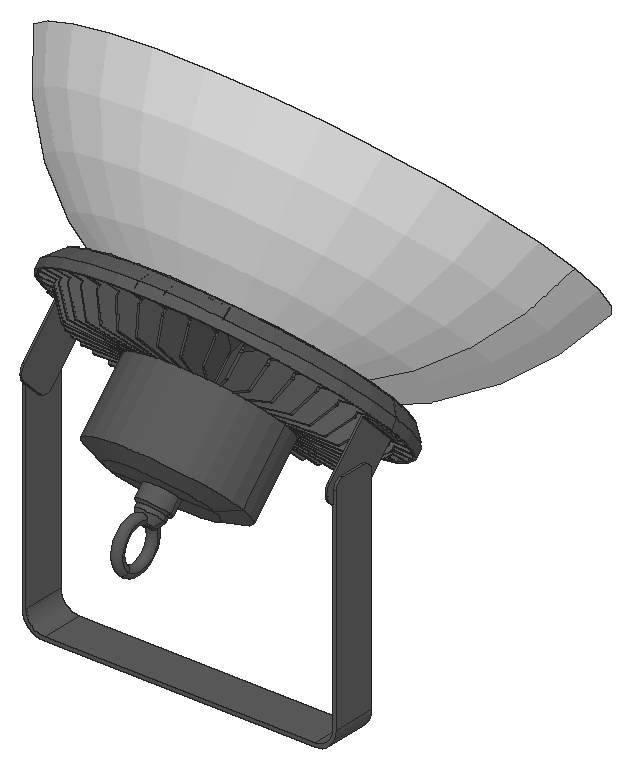
Revit family "0039344+0039353+0039356 Feilo Sylvania Lighting Fixture START HIGHBAY 4K 13KLM MEDIUM with BRACKET and ALU SHADE ALU COLOR", category Lighting Fixtures, host Face, Revit 2017 (continued)
Definition of nested family "Start LED Highbay Head"
  Dimensions and locks
    "RHHeight3_FEILO": plane 31 to plane 33
    "RHHeight4_FEILO": plane 33 to plane 34
    "RHRadius3_FEILO": plane 3 "Center (Left/Right)" to plane 35
    "RHHeight1_FEILO": plane 28 to plane 30
    "EyeInner_FEILO": plane 34 to plane 36
    "EyeInner_FEILO": plane 36 to plane 37
    equal spacing: plane 38, plane 3 "Center (Left/Right)", plane 39
    "EyeThickness_FEILO": plane 38 to plane 39
    "EyeThickness_FEILO": plane 37 to plane 40
    equal spacing: plane 37, plane 41, plane 40
    equal spacing: plane 6, plane 42, plane 18
    "ThicknessBracket_FEILO": plane 45 to plane 6
    "ThicknessBracket_FEILO": plane 8 to plane 44
    locked: plane 43 to plane 18 at 1
    equal spacing: plane 24, plane 46, plane 26
    equal spacing: plane 47, plane 1 "Center (Front/Back)", plane 48
    "WidthBracket_FEILO": plane 47 to plane 48
    "WidthRingChamfer_FEILO": plane 50 to plane 49
    "ThicknessWall_FEILO": plane 51 to plane 49
    equal spacing: plane 50, plane 52, plane 51
    "ThicknessBracket_FEILO": plane 54 to plane 50
    locked: plane 53 to plane 51 at 1
    "Radius_FEILO": plane 49 to plane 3 "Center (Left/Right)"
    "ShadeRadiusOut_FEILO": plane 3 "Center (Left/Right)" to plane 55
    "ShadeHeight_FEILO": plane 56 to plane 4
    "ShadeRadiusIn_FEILO": plane 3 "Center (Left/Right)" to plane 57
    locked: plane 58 to plane 57 at 8
    "ShadeThickness_FEILO": plane 60 to plane 4
    "ShadeThickness_FEILO": plane 59 to plane 55
    "EyeThicknessHalf_FEILO": radius of curve 8
    "ThicknessBracket_FEILO": radius of Extrusion 7 sketch curve  (x2)
    "ThicknessBracketHalf_FEILO": radius of Extrusion 7 sketch curve  (x2)
    "ShadeRadiusBend_FEILO": radius of curve 9
    aligned and locked: plane 2 to Extrusion 1
    aligned and locked: level to Extrusion 1
    aligned and locked: plane 5 to curve 1
    aligned and locked: plane 6 to curve 1
    aligned and locked: plane 7 to curve 1
    aligned and locked: plane 10 to curve 2
    aligned and locked: plane 9 to curve 3
    aligned and locked: plane 4 to curve 3
    aligned and locked: plane 11 to curve 3
    aligned and locked: plane 4 to curve 4
    aligned and locked: plane 18 to curve 5
    aligned and locked: plane 10 to curve 5
    aligned and locked: Revolve 2 sketch curve to plane 3 "Center (Left/Right)"
    aligned and locked: Revolve 2 sketch curve to curve 3
    aligned and locked: Revolve 2 sketch curve to curve 1
    aligned and locked: plane 4 to Revolve 2 sketch curve
    aligned and locked: plane 9 to Revolve 2 sketch curve
    aligned and locked: Revolve 2 sketch curve to plane 13
    aligned and locked: Revolve 2 sketch curve to plane 10
    aligned and locked: plane 13 to Revolve 2 sketch curve
    aligned and locked: plane 10 to Revolve 2 sketch curve
    aligned and locked: Revolve 2 sketch curve to plane 18
    aligned and locked: Revolve 2 sketch curve to plane 8
    aligned and locked: plane 5 to Revolve 2 sketch curve  (x2)
    aligned and locked: Revolve 3 sketch curve to plane 3 "Center (Left/Right)"
    aligned and locked: plane 11 to Revolve 3 sketch curve
    aligned and locked: Revolve 3 sketch curve to curve 2
    aligned and locked: plane 15 to Revolve 3 sketch curve
    aligned and locked: Revolve 3 sketch curve to plane 16
    aligned and locked: plane 17 to Revolve 3 sketch curve  (x2)
    aligned and locked: Revolve 3 sketch curve to plane 12
    aligned and locked: plane 7 to Revolve 3 sketch curve
    aligned and locked: Revolve 4 sketch curve to plane 3 "Center (Left/Right)"
    aligned and locked: Revolve 4 sketch curve to plane 14
    aligned and locked: plane 3 "Center (Left/Right)" to Revolve 4 sketch curve
    aligned and locked: Revolve 4 sketch curve to plane 12
    aligned and locked: plane 15 to Revolve 4 sketch curve
    aligned and locked: Revolve 2 sketch curve to curve 5
    aligned and locked: plane 22 to curve 6
    aligned and locked: plane 21 to curve 6
    aligned and locked: plane 20 to curve 6
    aligned and locked: plane 19 to curve 6
    aligned and locked: plane 33 to curve 7
    aligned and locked: plane 32 to curve 7
    aligned and locked: plane 35 to curve 7
    aligned and locked: plane 34 to curve 7
    aligned and locked: Revolve 5 sketch curve to plane 3 "Center (Left/Right)"
    aligned and locked: Revolve 5 sketch curve to plane 25
    aligned and locked: plane 27 to Revolve 5 sketch curve
    aligned and locked: plane 28 to Revolve 5 sketch curve
    aligned and locked: plane 30 to Revolve 5 sketch curve
    aligned and locked: Revolve 5 sketch curve to plane 29
    aligned and locked: plane 31 to Revolve 5 sketch curve
    aligned and locked: Revolve 5 sketch curve to curve 7
    aligned and locked: Revolve 5 sketch curve to plane 32
    aligned and locked: plane 34 to Revolve 5 sketch curve
    aligned and locked: plane 3 "Center (Left/Right)" to Revolve 5 sketch curve
    aligned and locked: plane 3 "Center (Left/Right)" to curve 8
    aligned and locked: plane 41 to curve 8
    aligned and locked: Revolve 6 sketch curve to plane 36
    aligned and locked: Revolve 6 sketch curve to curve 8
    aligned and locked: plane 43 to Extrusion 7 sketch curve  (x2)
    aligned and locked: plane 8 to Extrusion 7 sketch curve  (x3)
    aligned and locked: Extrusion 7 sketch curve to plane 45
    aligned and locked: Extrusion 7 sketch curve to plane 46  (x2)
    aligned and locked: plane 6 to Extrusion 7 sketch curve
    aligned and locked: Extrusion 7 sketch curve to plane 44  (x2)
    aligned and locked: Extrusion 7 to plane 48
    aligned and locked: plane 47 to Extrusion 7
    aligned and locked: plane 53 to Extrusion 7 sketch curve
    aligned and locked: plane 50 to Extrusion 7 sketch curve
    aligned and locked: Extrusion 7 sketch curve to plane 54
    aligned and locked: Extrusion 8 sketch curve to Extrusion 8 sketch curve
    aligned and locked: Extrusion 8 to plane 6
    aligned and locked: Extrusion 8 to Extrusion 7
    aligned and locked: Revolve 5 sketch curve to plane 22
    aligned and locked: plane 23 to nested 1
    aligned and locked: plane 1 "Center (Front/Back)" to nested 1
    aligned and locked: Revolve 9 sketch curve to plane 3 "Center (Left/Right)"
    aligned and locked: Revolve 9 sketch curve to plane 4
    aligned and locked: plane 6 to Revolve 9 sketch curve
    aligned and locked: plane 4 to Revolve 9 sketch curve
    aligned and locked: plane 7 to Revolve 9 sketch curve
    aligned and locked: Revolve 9 sketch curve to plane 5
    aligned and locked: plane 8 to Revolve 9 sketch curve  (x2)
    aligned and locked: Revolve 9 sketch curve to plane 19
    aligned and locked: plane 20 to Revolve 9 sketch curve
    aligned and locked: plane 19 to Revolve 9 sketch curve
    aligned and locked: plane 21 to Revolve 9 sketch curve
    aligned and locked: plane 22 to Revolve 9 sketch curve  (x2)
    aligned and locked: Revolve 9 sketch curve to Revolve 9 sketch curve
    aligned and locked: imposter light to plane 4
    aligned and locked: plane 3 "Center (Left/Right)" to imposter light
    aligned and locked: imposter light to plane 1 "Center (Front/Back)"
    aligned and locked: plane 55 to curve 9
    aligned and locked: plane 56 to curve 9
    aligned and locked: plane 57 to curve 9
    aligned and locked: plane 4 to curve 9
    aligned and locked: Revolve 10 sketch curve to curve 9
    aligned and locked: plane 58 to Revolve 10 sketch curve
    aligned and locked: plane 57 to Revolve 10 sketch curve
    aligned and locked: plane 56 to Revolve 10 sketch curve  (x2)
    aligned and locked: Revolve 10 sketch curve to plane 58
    aligned and locked: plane 60 to Revolve 10 sketch curve
  Automatic sketch dimensions
    Extrusion 1 sketch curve to Extrusion 1 sketch curve = 2438.4 mm  (x2)
    Revolve 2 sketch curve to plane 6 = 0.299 mm
    plane 6 to Revolve 2 sketch curve = 0.459 mm
    Revolve 2 sketch curve to level = 609.6 mm
    Revolve 2 sketch curve to Revolve 2 sketch curve = 2312.223 mm
    Revolve 3 sketch curve to plane 12 = 0 mm
    Revolve 3 sketch curve to plane 3 "Center (Left/Right)" = 0 mm
    Revolve 3 sketch curve to level = 609.6 mm
    Revolve 3 sketch curve to plane 4 = 2339.058 mm
    Revolve 4 sketch curve to level = 609.6 mm
    Revolve 4 sketch curve to plane 4 = 2339.058 mm
    Revolve 6 sketch curve to plane 5 = 1080 mm
    plane 38 to Revolve 6 sketch curve = 1219.2 mm
    Extrusion 8 sketch curve to plane 47 = 0 mm
    plane 46 to Extrusion 8 sketch curve = 0 mm  (x2)
    Extrusion 8 sketch curve to plane 48 = 0 mm
    plane 47 to Extrusion 8 sketch curve = 5 mm
    plane 1 "Center (Front/Back)" to Extrusion 8 sketch curve = 10 mm
    Extrusion 8 sketch curve to Extrusion 8 sketch curve = 10 mm
    plane 46 to Extrusion 8 sketch curve = 5 mm
    Extrusion 8 sketch curve to Extrusion 8 sketch curve = 5 mm
    Extrusion 8 sketch curve to plane 48 = 5 mm
    Revolve 5 sketch curve to plane 26 = 0 mm
    Revolve 5 sketch curve to plane 35 = 0.437 mm
    plane 35 to Revolve 5 sketch curve = 0.847 mm
    Revolve 5 sketch curve to plane 34 = 0.726 mm
    plane 40 to Revolve 5 sketch curve = 590.2 mm
    Revolve 5 sketch curve to plane 4 = 2339.058 mm
    Revolve 9 sketch curve to level = 609.6 mm
    Revolve 9 sketch curve to Revolve 9 sketch curve = 2386.058 mm
    curve 2 to plane 3 "Center (Left/Right)" = 0 mm
    Revolve 10 sketch curve to Revolve 10 sketch curve = 0 mm  (x2)
    Revolve 10 sketch curve to plane 3 "Center (Left/Right)" = 0 mm
    plane 57 to Revolve 10 sketch curve = 0.659 mm
    Revolve 10 sketch curve to level = 609.6 mm
    Revolve 10 sketch curve to Revolve 10 sketch curve = 2068.248 mm
  Nested families
    nested 1: "Start Highbay Rib" at (0, 0, 67.775), type "Type Name", detail levels medium+fine
      with SuspensionHeight_FEILO 2.6 mm
    nested 2: "Start Highbay Rib" at (0, 0, 67.775) x (0.9877, 0.1564, 0) z (0, 0, 1), type "Type Name", detail levels medium+fine
      with SuspensionHeight_FEILO 2.6 mm
    nested 3: "Start Highbay Rib" at (0, 0, 67.775) x (0.9511, 0.309, 0) z (0, 0, 1), type "Type Name", detail levels medium+fine
      with SuspensionHeight_FEILO 2.6 mm
    nested 4: "Start Highbay Rib" at (0, 0, 67.775) x (0.891, 0.454, 0) z (0, 0, 1), type "Type Name", detail levels medium+fine
      with SuspensionHeight_FEILO 2.6 mm
    nested 5: "Start Highbay Rib" at (0, 0, 67.775) x (0.809, 0.5878, 0) z (0, 0, 1), type "Type Name", detail levels medium+fine
      with SuspensionHeight_FEILO 2.6 mm
    nested 6: "Start Highbay Rib" at (0, 0, 67.775) x (0.7071, 0.7071, 0) z (0, 0, 1), type "Type Name", detail levels medium+fine
      with SuspensionHeight_FEILO 2.6 mm
    nested 7: "Start Highbay Rib" at (0, 0, 67.775) x (0.5878, 0.809, 0) z (0, 0, 1), type "Type Name", detail levels medium+fine
      with SuspensionHeight_FEILO 2.6 mm
    nested 8: "Start Highbay Rib" at (0, 0, 67.775) x (0.454, 0.891, 0) z (0, 0, 1), type "Type Name", detail levels medium+fine
      with SuspensionHeight_FEILO 2.6 mm
    nested 9: "Start Highbay Rib" at (0, 0, 67.775) x (0.309, 0.9511, 0) z (0, 0, 1), type "Type Name", detail levels medium+fine
      with SuspensionHeight_FEILO 2.6 mm
    nested 10: "Start Highbay Rib" at (0, 0, 67.775) x (0.1564, 0.9877, 0) z (0, 0, 1), type "Type Name", detail levels medium+fine
      with SuspensionHeight_FEILO 2.6 mm
    nested 11: "Start Highbay Rib" at (0, 0, 67.775) x (0, 1, 0) z (0, 0, 1), type "Type Name", detail levels medium+fine
      with SuspensionHeight_FEILO 2.6 mm
    nested 12: "Start Highbay Rib" at (0, 0, 67.775) x (-0.1564, 0.9877, 0) z (0, 0, 1), type "Type Name", detail levels medium+fine
      with SuspensionHeight_FEILO 2.6 mm
    nested 13: "Start Highbay Rib" at (0, 0, 67.775) x (-0.309, 0.9511, 0) z (0, 0, 1), type "Type Name", detail levels medium+fine
      with SuspensionHeight_FEILO 2.6 mm
    nested 14: "Start Highbay Rib" at (0, 0, 67.775) x (-0.454, 0.891, 0) z (0, 0, 1), type "Type Name", detail levels medium+fine
      with SuspensionHeight_FEILO 2.6 mm
    nested 15: "Start Highbay Rib" at (0, 0, 67.775) x (-0.5878, 0.809, 0) z (0, 0, 1), type "Type Name", detail levels medium+fine
      with SuspensionHeight_FEILO 2.6 mm
    nested 16: "Start Highbay Rib" at (0, 0, 67.775) x (-0.7071, 0.7071, 0) z (0, 0, 1), type "Type Name", detail levels medium+fine
      with SuspensionHeight_FEILO 2.6 mm
    nested 17: "Start Highbay Rib" at (0, 0, 67.775) x (-0.809, 0.5878, 0) z (0, 0, 1), type "Type Name", detail levels medium+fine
      with SuspensionHeight_FEILO 2.6 mm
    nested 18: "Start Highbay Rib" at (0, 0, 67.775) x (-0.891, 0.454, 0) z (0, 0, 1), type "Type Name", detail levels medium+fine
      with SuspensionHeight_FEILO 2.6 mm
    nested 19: "Start Highbay Rib" at (0, 0, 67.775) x (-0.9511, 0.309, 0) z (0, 0, 1), type "Type Name", detail levels medium+fine
      with SuspensionHeight_FEILO 2.6 mm
    nested 20: "Start Highbay Rib" at (0, 0, 67.775) x (-0.9877, 0.1564, 0) z (0, 0, 1), type "Type Name", detail levels medium+fine
      with SuspensionHeight_FEILO 2.6 mm
    nested 21: "Start Highbay Rib" at (0, 0, 67.775) x (-1, 0, 0) z (0, 0, 1), type "Type Name", detail levels medium+fine
      with SuspensionHeight_FEILO 2.6 mm
    nested 22: "Start Highbay Rib" at (0, 0, 67.775) x (-0.9877, -0.1564, 0) z (0, 0, 1), type "Type Name", detail levels medium+fine
      with SuspensionHeight_FEILO 2.6 mm
    nested 23: "Start Highbay Rib" at (0, 0, 67.775) x (-0.9511, -0.309, 0) z (0, 0, 1), type "Type Name", detail levels medium+fine
      with SuspensionHeight_FEILO 2.6 mm
    nested 24: "Start Highbay Rib" at (0, 0, 67.775) x (-0.891, -0.454, 0) z (0, 0, 1), type "Type Name", detail levels medium+fine
      with SuspensionHeight_FEILO 2.6 mm
    nested 25: "Start Highbay Rib" at (0, 0, 67.775) x (-0.809, -0.5878, 0) z (0, 0, 1), type "Type Name", detail levels medium+fine
      with SuspensionHeight_FEILO 2.6 mm
    nested 26: "Start Highbay Rib" at (0, 0, 67.775) x (-0.7071, -0.7071, 0) z (0, 0, 1), type "Type Name", detail levels medium+fine
      with SuspensionHeight_FEILO 2.6 mm
    nested 27: "Start Highbay Rib" at (0, 0, 67.775) x (-0.5878, -0.809, 0) z (0, 0, 1), type "Type Name", detail levels medium+fine
      with SuspensionHeight_FEILO 2.6 mm
    nested 28: "Start Highbay Rib" at (0, 0, 67.775) x (-0.454, -0.891, 0) z (0, 0, 1), type "Type Name", detail levels medium+fine
      with SuspensionHeight_FEILO 2.6 mm
    nested 29: "Start Highbay Rib" at (0, 0, 67.775) x (-0.309, -0.9511, 0) z (0, 0, 1), type "Type Name", detail levels medium+fine
      with SuspensionHeight_FEILO 2.6 mm
    nested 30: "Start Highbay Rib" at (0, 0, 67.775) x (-0.1564, -0.9877, 0) z (0, 0, 1), type "Type Name", detail levels medium+fine
      with SuspensionHeight_FEILO 2.6 mm
    nested 31: "Start Highbay Rib" at (0, 0, 67.775) x (0, -1, 0) z (0, 0, 1), type "Type Name", detail levels medium+fine
      with SuspensionHeight_FEILO 2.6 mm
    nested 32: "Start Highbay Rib" at (0, 0, 67.775) x (0.1564, -0.9877, 0) z (0, 0, 1), type "Type Name", detail levels medium+fine
      with SuspensionHeight_FEILO 2.6 mm
    nested 33: "Start Highbay Rib" at (0, 0, 67.775) x (0.309, -0.9511, 0) z (0, 0, 1), type "Type Name", detail levels medium+fine
      with SuspensionHeight_FEILO 2.6 mm
    nested 34: "Start Highbay Rib" at (0, 0, 67.775) x (0.454, -0.891, 0) z (0, 0, 1), type "Type Name", detail levels medium+fine
      with SuspensionHeight_FEILO 2.6 mm
    nested 35: "Start Highbay Rib" at (0, 0, 67.775) x (0.5878, -0.809, 0) z (0, 0, 1), type "Type Name", detail levels medium+fine
      with SuspensionHeight_FEILO 2.6 mm
    nested 36: "Start Highbay Rib" at (0, 0, 67.775) x (0.7071, -0.7071, 0) z (0, 0, 1), type "Type Name", detail levels medium+fine
      with SuspensionHeight_FEILO 2.6 mm
    nested 37: "Start Highbay Rib" at (0, 0, 67.775) x (0.809, -0.5878, 0) z (0, 0, 1), type "Type Name", detail levels medium+fine
      with SuspensionHeight_FEILO 2.6 mm
    nested 38: "Start Highbay Rib" at (0, 0, 67.775) x (0.891, -0.454, 0) z (0, 0, 1), type "Type Name", detail levels medium+fine
      with SuspensionHeight_FEILO 2.6 mm
    nested 39: "Start Highbay Rib" at (0, 0, 67.775) x (0.9511, -0.309, 0) z (0, 0, 1), type "Type Name", detail levels medium+fine
      with SuspensionHeight_FEILO 2.6 mm
    nested 40: "Start Highbay Rib" at (0, 0, 67.775) x (0.9877, -0.1564, 0) z (0, 0, 1), type "Type Name", detail levels medium+fine
      with SuspensionHeight_FEILO 2.6 mm
  Definition of nested family "Start Highbay Rib"
    Parameters (values of type "Type Name")
      WidthStraight_FEILO = if(SizeS_FEILO, 3 mm, if(SizeM_FEILO, 4 mm, 4.7 mm))  # 3 mm
      WidthRingChamfer_FEILO = if(SizeS_FEILO, 10.3 mm, if(SizeM_FEILO, 11.2 mm, 12.9 mm))  # 10.3 mm
      WidthCurved_FEILO = if(SizeS_FEILO, 17.4 mm, if(SizeM_FEILO, 16.4 mm, 26.2 mm))  # 17.4 mm
      WidthCurvedRing_FEILO = if(SizeS_FEILO, 3 mm, if(SizeM_FEILO, 4 mm, 4.7 mm))  # 3 mm
      WidthBracket_FEILO = 40 mm
      URL = "http://www.feilosylvania.com"
      Type Image = (empty or 0)
      Type Comments = "n/a"
      ThicknessWall_FEILO = 1.5 mm
      ThicknessBracket_FEILO = 1.5 mm
      ThicknessBracketHalf_FEILO = ThicknessBracket_FEILO / 2  # 0.75 mm
      SuspensionHeight_FEILO [instance] = 2.6 mm
      SizeS_FEILO = yes
      SizeM_FEILO = no
      Rib4_FEILO = if(SizeS_FEILO, 18.1 mm, if(SizeM_FEILO, 13.6 mm, 14.6 mm))  # 18.1 mm
      Rib3_FEILO = if(SizeS_FEILO, 15.3 mm, if(SizeM_FEILO, 17.6 mm, 20.2 mm))  # 15.3 mm
      Rib2_FEILO = if(SizeS_FEILO, 3.6 mm, if(SizeM_FEILO, 3.9 mm, 4.5 mm))  # 3.6 mm
      Rib1_FEILO = if(SizeS_FEILO, 15.1 mm, if(SizeM_FEILO, 16.5 mm, 19 mm))  # 15.1 mm
      RadiusRib_FEILO = 2 mm
      RadiusDiffuser_FEILO = if(SizeS_FEILO, 95.2 mm, if(SizeM_FEILO, 105.3 mm, 120 mm))  # 95.2 mm
      RHRadius3_FEILO = if(SizeS_FEILO, 6.6 mm, if(SizeM_FEILO, 7.4 mm, 8.6 mm))  # 6.6 mm
      RHRadius2_FEILO = if(SizeS_FEILO, 11 mm, if(SizeM_FEILO, 12 mm, 14 mm))  # 11 mm
      RHRadius1_FEILO = if(SizeS_FEILO, 13.6 mm, if(SizeM_FEILO, 14.9 mm, 17.7 mm))  # 13.6 mm
      RHHeight4_FEILO = if(SizeS_FEILO, 7.3 mm, if(SizeM_FEILO, 8 mm, 9.2 mm))  # 7.3 mm
      RHHeight3_FEILO = if(SizeS_FEILO, 3.6 mm, if(SizeM_FEILO, 3.7 mm, 4.6 mm))  # 3.6 mm
      RHHeight2_FEILO = if(SizeS_FEILO, 2 mm, if(SizeM_FEILO, 2.2 mm, 2.6 mm))  # 2 mm
      RHHeight1_FEILO = if(SizeS_FEILO, 11.8 mm, if(SizeM_FEILO, 15.3 mm, 17.4 mm))  # 11.8 mm
      Material_3_FEILO = none
      Model = ""
      Manufacturer = "Feilo Sylvania"
      Keynote = "16500"
      HeightRing_FEILO = if(SizeS_FEILO, 19.8 mm, if(SizeM_FEILO, 32 mm, 36.8 mm))  # 19.8 mm
      HeightRingChamfer_FEILO = if(SizeS_FEILO, 11.7 mm, if(SizeM_FEILO, 23.2 mm, 26.6 mm))  # 11.7 mm
      EyeThickness_FEILO = if(SizeS_FEILO, 8.4 mm, if(SizeM_FEILO, 9.2 mm, 10.5 mm))  # 8.4 mm
      EyeThicknessHalf_FEILO = EyeThickness_FEILO / 2  # 4.2 mm
      EyeInner_FEILO = if(SizeS_FEILO, 13.8 mm, if(SizeM_FEILO, 15.1 mm, 17.3 mm))  # 13.8 mm
      DriverVerticalStraight_FEILO = if(SizeS_FEILO, 46.5 mm, if(SizeM_FEILO, 49.7 mm, 57 mm))  # 46.5 mm
      DriverVerticalChamfer_FEILO = if(SizeS_FEILO, 7.5 mm, if(SizeM_FEILO, 8.2 mm, 9.5 mm))  # 7.5 mm
      DriverRadius_FEILO = if(SizeS_FEILO, 61.4 mm, if(SizeM_FEILO, 67.2 mm, 76.4 mm))  # 61.4 mm
      DriverRadiusTop_FEILO = if(SizeS_FEILO, 42 mm, if(SizeM_FEILO, 45.3 mm, 52.4 mm))  # 42 mm
      DriverBottom_FEILO = if(SizeS_FEILO, 56 mm, if(SizeM_FEILO, 64.5 mm, 74 mm))  # 56 mm
      Material_2_FEILO = none
      Radius_FEILO = if(SizeS_FEILO, 135 mm, if(SizeM_FEILO, 148 mm, 169.5 mm))  # 135 mm
      Description = ""
      Default Elevation = 1219.2 mm
      Cost = 0
      Material_1_FEILO = none
      Assembly Code = "D5020200"
      Material_4_FEILO = none
    Reference planes
      plane 1 "Center (Front/Back)": y = 0
      plane 2: z = 0
      plane 3 "Center (Left/Right)": x = 0
      plane 4: z = 2.6
      plane 5: x = -135
      plane 6: x = -124.7
      plane 7: z = -9.1
      plane 8: z = -17.2
      plane 9: x = -121.7
      plane 10: z = -0.025
      plane 11: x = -104.3
      plane 12: x = -95.2
      plane 13: x = -118.7
      plane 14: z = 0.975
      plane 15: z = -1.025
      plane 16: x = -92.2
      plane 17: z = -2.025
      plane 18: x = -133.5
      plane 19: x = -119.9
      plane 20: z = -20.8
      plane 21: x = -104.6
      plane 22: z = -38.9
      plane 23: x = -20
      plane 24: z = -53.4
      plane 25: x = -61.4
      plane 26: z = -99.9
      plane 27: x = -42
      plane 28: z = -107.4
      plane 29: x = -13.6
      plane 30: z = -119.2
      plane 31: z = -121.2
      plane 32: x = -11
      plane 33: z = -124.8
      plane 34: z = -132.1
      plane 35: x = -6.6
      plane 36: z = -145.9
      plane 37: z = -159.7
      plane 38: x = 4.2
      plane 39: x = -4.2
      plane 40: z = -168.1
      plane 41: z = -163.9
      plane 42: x = -129.1
      plane 43: x = -132.5
      plane 44: z = -18.7
      plane 45: x = -123.2
      plane 46: z = -76.65
      plane 47: y = -20
      plane 48: y = 20
      plane 49: x = 135
      plane 50: x = 124.7
      plane 51: x = 133.5
      plane 52: x = 129.1
      plane 53: x = 132.5
      plane 54: x = 123.2
      plane 55: y = 0.75
      plane 56: y = -0.75
    Forms (mm)
      Extrusion 1, solid
        sketch origin (4.2, 0, 0) x (1, 0, 0) y (0, 1, 0)
          loop
            line (-1219.2, 1219.2) -> (-1219.2, -1219.2) -> (1219.2, -1219.2) -> (1219.2, 1219.2) -> (-1219.2, 1219.2)
        from 0 to -68.017
      Extrusion 2, solid, material <- "Material_1_FEILO"
        sketch origin (0, 0, 0) x (1, 0, 0) y (0, 0, 1)
          loop
            arc (-104.3, -0.025) -> (-111.555, 0.423) -> (-118.7, 1.76) r 58.981
            line (-118.7, 1.76) -> (-118.7, -0.025) -> (-125.012, -0.025) -> (-133.5, -9.666) -> (-133.5, -17.2) -> (-119.9, -17.2) -> (-119.9, -20.068)
            arc (-119.9, -20.068) -> (-119.778, -20.755) -> (-119.427, -21.359) r 2
            line (-119.427, -21.359) -> (-104.966, -38.467)
            arc (-104.966, -38.467) -> (-104.381, -38.789) -> (-103.723, -38.9) r 2
            line (-103.723, -38.9) -> (-20, -38.9) -> (-20, -9.1) -> (-95.2, -9.1) -> (-95.2, -2.025) -> (-104.3, -2.025) -> (-104.3, -0.025)
        from -0.75 to 0.75
    Lines and regions (mm)
      reference lines
        curve 1: line (-135, 0, -9.1) -> (-124.7, 0, 2.6)
        curve 2: line (-104.3, 0, -0.025) -> (0, 0, -0.025)
        curve 3: arc (-104.3, 0, -0.025) -> (-113.098, 0, 0.635) -> (-121.7, 0, 2.6) r 58.981
        curve 4: line (-124.7, 0, 2.6) -> (-121.7, 0, 2.6)
        curve 5: line (-125.012, 0, -0.025) -> (-133.5, 0, -9.666)
        curve 6: line (-119.9, 0, -20.8) -> (-104.6, 0, -38.9)
    Dimensions and locks
      "Radius_FEILO": plane 3 "Center (Left/Right)" to plane 5
      "WidthRingChamfer_FEILO": plane 6 to plane 5
      "WidthStraight_FEILO": plane 9 to plane 6
      "WidthCurvedRing_FEILO": plane 13 to plane 9
      locked: plane 10 to plane 15 at 1
      locked: plane 14 to plane 10 at 1
      locked: plane 4 to plane 10 at 2.625
      locked: plane 15 to plane 17 at 1
      "ThicknessWall_FEILO": plane 18 to plane 5
      "ThicknessWall_FEILO": curve 5 to curve 1
      "HeightRingChamfer_FEILO": plane 4 to plane 7
      "HeightRing_FEILO": plane 4 to plane 8
      "RadiusDiffuser_FEILO": plane 3 "Center (Left/Right)" to plane 12
      locked: plane 16 to plane 12 at 3
      "WidthCurved_FEILO": plane 11 to plane 9
      "SuspensionHeight_FEILO": plane 4 to plane 2
      "Rib1_FEILO": plane 19 to plane 5
      "Rib2_FEILO": plane 8 to plane 20
      "Rib3_FEILO": plane 21 to plane 19
      "Rib4_FEILO": plane 20 to plane 22
      locked: plane 3 "Center (Left/Right)" to plane 23 at 20
      "DriverBottom_FEILO": plane 4 to plane 24
      "DriverRadius_FEILO": plane 3 "Center (Left/Right)" to plane 25
      "DriverVerticalStraight_FEILO": plane 24 to plane 26
      "DriverRadiusTop_FEILO": plane 3 "Center (Left/Right)" to plane 27
      "DriverVerticalChamfer_FEILO": plane 26 to plane 28
      "RHRadius1_FEILO": plane 3 "Center (Left/Right)" to plane 29
      "RHHeight2_FEILO": plane 30 to plane 31
      "RHRadius2_FEILO": plane 3 "Center (Left/Right)" to plane 32
      "RHHeight3_FEILO": plane 31 to plane 33
      "RHHeight4_FEILO": plane 33 to plane 34
      "RHRadius3_FEILO": plane 3 "Center (Left/Right)" to plane 35
      "RHHeight1_FEILO": plane 28 to plane 30
      "EyeInner_FEILO": plane 34 to plane 36
      "EyeInner_FEILO": plane 36 to plane 37
      equal spacing: plane 38, plane 3 "Center (Left/Right)", plane 39
      "EyeThickness_FEILO": plane 38 to plane 39
      "EyeThickness_FEILO": plane 37 to plane 40
      equal spacing: plane 37, plane 41, plane 40
      equal spacing: plane 6, plane 42, plane 18
      "ThicknessBracket_FEILO": plane 45 to plane 6
      "ThicknessBracket_FEILO": plane 8 to plane 44
      locked: plane 43 to plane 18 at 1
      equal spacing: plane 24, plane 46, plane 26
      equal spacing: plane 47, plane 1 "Center (Front/Back)", plane 48
      "WidthBracket_FEILO": plane 47 to plane 48
      "WidthRingChamfer_FEILO": plane 50 to plane 49
      "ThicknessWall_FEILO": plane 51 to plane 49
      equal spacing: plane 50, plane 52, plane 51
      "ThicknessBracket_FEILO": plane 54 to plane 50
      locked: plane 53 to plane 51 at 1
      "Radius_FEILO": plane 49 to plane 3 "Center (Left/Right)"
      equal spacing: plane 56, plane 1 "Center (Front/Back)", plane 55
      "ThicknessWall_FEILO": plane 56 to plane 55
      "RadiusRib_FEILO": radius of Extrusion 2 sketch curve  (x2)
      aligned and locked: plane 2 to Extrusion 1
      aligned and locked: level to Extrusion 1
      aligned and locked: plane 5 to curve 1
      aligned and locked: plane 6 to curve 1
      aligned and locked: plane 7 to curve 1
      aligned and locked: plane 10 to curve 2
      aligned and locked: plane 9 to curve 3
      aligned and locked: plane 4 to curve 3
      aligned and locked: plane 11 to curve 3
      aligned and locked: plane 4 to curve 4
      aligned and locked: plane 18 to curve 5
      aligned and locked: plane 10 to curve 5
      aligned and locked: plane 22 to curve 6
      aligned and locked: plane 21 to curve 6
      aligned and locked: plane 20 to curve 6
      aligned and locked: plane 19 to curve 6
      aligned and locked: Extrusion 2 sketch curve to plane 23
      aligned and locked: Extrusion 2 sketch curve to plane 22
      aligned and locked: Extrusion 2 sketch curve to curve 6
      aligned and locked: plane 19 to Extrusion 2 sketch curve
      aligned and locked: Extrusion 2 sketch curve to plane 8
      aligned and locked: Extrusion 2 sketch curve to curve 5
      aligned and locked: Extrusion 2 sketch curve to curve 3
      aligned and locked: Extrusion 2 to plane 55
      aligned and locked: plane 56 to Extrusion 2
      aligned and locked: curve 6 to Extrusion 2 sketch curve
    Automatic sketch dimensions
      Extrusion 1 sketch curve to Extrusion 1 sketch curve = 2438.4 mm  (x2)
      curve 2 to plane 3 "Center (Left/Right)" = 0 mm
      Extrusion 2 sketch curve to plane 18 = 0 mm
      Extrusion 2 sketch curve to plane 10 = 0 mm
      Extrusion 2 sketch curve to plane 13 = 0 mm
      Extrusion 2 sketch curve to plane 7 = 0 mm
      Extrusion 2 sketch curve to plane 12 = 0 mm
      Extrusion 2 sketch curve to plane 17 = 0 mm
      plane 19 to Extrusion 2 sketch curve = 0.473 mm
      Extrusion 2 sketch curve to plane 21 = 0.366 mm
